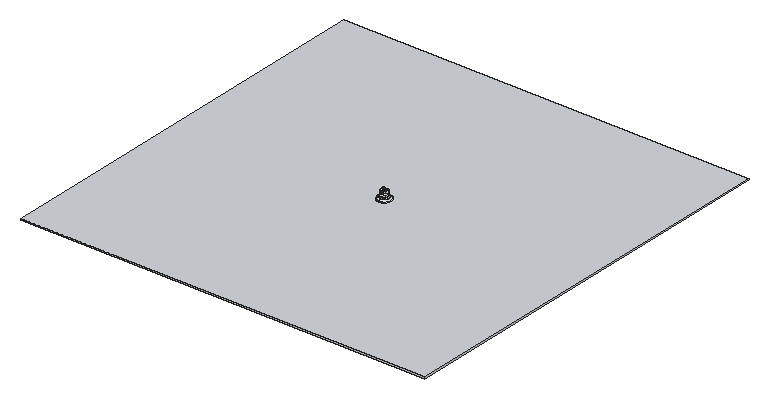
Revit family "Fire-Products_Sprinkler-Systems_YAMATO-PROTEC_SHS172002", category スプリンクラ, Revit 2018
Family settings
  ホスト = 面
  注釈の向きを維持 = いいえ
  丸型コネクタ寸法 = 直径を使用
  パーツ タイプ = 標準
  ロード時にボイドで切り取り = いいえ
  共有 = いいえ
  部屋計算ポイント = はい
Parameters
  質量 = 0.25 kg
  説明 = "放水型スプリンクラーヘッド　SHS172002"
  記号 [instance] = ""
  製造元 = "ヤマトプロテック株式会社"
  製品出荷対象 = ""
  製品リリース年月 = ""
  製品グループ = ""
  系統 [instance] = ""
  符号 = ""
  積算_科目 = "9 消火設備"
  積算_拾い区分 [instance] = ""
  特殊仕様 [instance] = ""
  法定耐用年数 = ""
  有効放水範囲距離 [instance] = if(取付高さ < 5000 mm, 3150 mm, 4150 mm)  # 3150 mm
  有効放水範囲 [instance] = yes
  Default Elevation = 1219.2 mm
  形式 = "放水型"
  呼称 = "スプリンクラーヘッド"
  吐出量 [instance] = 0.0 L/min
  取付高さ [instance] = 3000 mm
  参照している仕様書等のバージョン = ""
  分類コード = "50903001200000"
  分類グループ = ""
  入口径 [instance] = 45 mm
  企業コード = "580077214"
  付属品 [instance] = ""
  仕様書バージョン = "Version1.0"
  モデル = "SHS172002"
  シーリングプレート表示 [instance] = yes
  Width = 57 mm
  Version = ""
  Uniclass2015Version = "Systems v1.9"
  Uniclass2015Title = "Sprinkler heads"
  Uniclass2015Code = "Pr_70_55_97_84"
  SpecificationReference = ""
  SpecificationDescription = ""
  Revision = ""
  ProductInformation = "https://www.yamatoprotec.co.jp/products/syokasetsubi/SHS172002/45188/"
  Product data url = ""
  OmniClassCode = "23-29 33 11 11 15"
  IfcTypeProduct = ""
  IfcProduct = ""
  IfcExportType = "SPRINKLERDEFLECTOR"
  IfcExportAs = "IfcFireSuppressionTerminalType"
  Height = 57 mm
  Depth = 71 mm
  Author = "BIMobject Japan"
Reference planes
  plane 1 "中心(正面/背面)": y = 0
  plane 2: z = 0
  plane 3 "中心(左/右)": x = 0
Forms (mm)
  Extrusion 1, solid
    sketch origin (0, 0, 0) x (1, 0, 0) y (0, 1, 0)
      loop
        line (-1219.2, 1219.2) -> (-1219.2, -1219.2) -> (1219.2, -1219.2) -> (1219.2, 1219.2) -> (-1219.2, 1219.2)
    from 0 to -8.3
  Extrusion 2, solid, material "YAMATOPROTEC - クロムメッキ"
    sketch origin (0, 0, 0) x (0, 1, 0) y (0, 0, 1)
      loop
        line (12.5, 48) -> (12.5, 50) -> (-5.036, 50) -> (-19.644, 41.566) -> (-18.644, 39.834) -> (-4.5, 48) -> (12.5, 48)
    from -17.039 to 17.039
  Extrusion 3, void
    sketch origin (0, 0, 0) x (1, 0, 0) y (0, 1, 0)
      loop
        line (0.805, -19.628) -> (0.805, -8.03)
        arc (0.805, -8.03) -> (0, -7.225) -> (-0.805, -8.03) r 0.805
        line (-0.805, -8.03) -> (-0.805, -19.628)
        arc (-0.805, -19.628) -> (-5.911, -18.734) -> (-10.605, -16.536) r 19.644
        line (-10.605, -16.536) -> (-2.873, -5.493)
        arc (-2.873, -5.493) -> (-3.069, -4.383) -> (-4.179, -4.578) r 0.797
        line (-4.179, -4.578) -> (-11.911, -15.621)
        arc (-11.911, -15.621) -> (-14.898, -12.805) -> (-17.234, -9.429) r 19.644
        line (-17.234, -9.429) -> (-9.243, -5.871)
        arc (-9.243, -5.871) -> (-8.101, -3.628) -> (-10.057, -2.044) r 2
        line (-10.057, -2.044) -> (-17.039, -2.044) -> (-17.039, 0.489) -> (-7, 1.5) -> (-7, 6.5) -> (-23, 9.687) -> (-23, -24.5) -> (23, -24.5) -> (23, 9.687) -> (7, 6.5) -> (7, 1.5) -> (17.039, 0.489) -> (17.039, -2.044) -> (10.057, -2.044)
        arc (10.057, -2.044) -> (8.101, -3.628) -> (9.243, -5.871) r 2
        line (9.243, -5.871) -> (17.234, -9.429)
        arc (17.234, -9.429) -> (14.635, -13.104) -> (11.268, -16.092) r 19.644
        line (11.268, -16.092) -> (3.526, -5.036)
        arc (3.526, -5.036) -> (2.971, -4.938) -> (2.873, -5.493) r 0.399
        line (2.873, -5.493) -> (10.605, -16.536)
        arc (10.605, -16.536) -> (5.911, -18.734) -> (0.805, -19.628) r 19.644
      loop
        circle (0, 6.5) r 1.454
      loop
        line (-13, 8.5) -> (-8.086, 8.5) -> (-8.086, 10.158) -> (-13, 10.158) -> (-13, 8.5)
      loop
        line (13, 8.5) -> (13, 10.158) -> (8.086, 10.158) -> (8.086, 8.5) -> (13, 8.5)
    from 37.087 to 55.942
  Revolve 4, solid, material "YAMATOPROTEC - クロムメッキ"
    sketch origin (0, 0, 0) x (0, 1, 0) y (0, 0, 1)
      loop
        line (24, 13.966) -> (0, 13.966) -> (0, -21) -> (23.504, -21) -> (24.161, 0) -> (28.5, 0) -> (28.5, 8.3) -> (25.5, 8.3)
        spline (25.5, 8.3) -> (24.509, 8.542) -> (24.028, 9.133) -> (23.921, 9.868) -> (24.052, 10.546) -> (24.298, 11.016) -> (24.598, 11.338) -> (24.906, 11.624) -> (25.176, 11.984) -> (25.358, 12.52) -> (25.339, 13.175) -> (24.946, 13.731) -> (24, 13.966)
      axis (0, -21) -> (0, 13.966)
    angle from 0 to 360
  Extrusion 5, solid, material "YAMATOPROTEC - クロムメッキ"
    sketch origin (0, 0, 0) x (0, 1, 0) y (0, 0, 1)
      loop
        line (12.5, 23.9) -> (-10.5, 23.9) -> (-10.5, 13.966) -> (12.5, 13.966) -> (12.5, 23.9)
    from -17.039 to 17.039
  Extrusion 6, solid, material "YAMATOPROTEC - クロムメッキ"
    sketch origin (0, 0, 0) x (1, 0, 0) y (0, 0, 1)
      loop
        line (17.039, 50) -> (-17.039, 50) -> (-17.039, 13.966) -> (17.039, 13.966) -> (17.039, 50)
    from -13.3 to -12.5
  Revolve 7, solid, material "YAMATOPROTEC - シーリングプレート", visible <- "シーリングプレート表示"
    sketch origin (0, 0, 0) x (0, 1, 0) y (0, 0, 1)
      loop
        line (40, 0) -> (40, 1.98) -> (34.82, 1.98)
        spline (34.82, 1.98) -> (33.711, 2.104) -> (32.87, 2.448) -> (32.25, 2.967) -> (31.801, 3.618) -> (31.474, 4.357) -> (31.22, 5.14) -> (30.991, 5.923) -> (30.738, 6.661) -> (30.411, 7.312) -> (29.961, 7.832) -> (29.341, 8.176) -> (28.5, 8.3)
        line (28.5, 8.3) -> (28.5, 0) -> (40, 0)
      axis (0, 8.3) -> (0, 0)
    angle from 0 to 360
Cuts and joins
  Extrusion 3 cuts Extrusion 2
Lines and regions (mm)
  Masking region 1
    outline origin (0, 0, 0) x (1, 0, 0) y (0, 0, 1)
      loop
        line (-24, 13.966) -> (-25.5, 8.3) -> (25.5, 8.3) -> (24, 13.966) -> (19, 13.966) -> (19, 50) -> (-19, 50) -> (-19, 13.966) -> (-24, 13.966)
  symbolic lines, visible <- "有効放水範囲"
    curve 1: line (4000, 0, 3000) -> (-4000, 0, 3000)
    curve 2: line (4000, 0, -150) -> (4000, 0, 3000)
    curve 3: line (-4000, 0, -150) -> (4000, 0, -150)
    curve 4: line (-4000, 0, 3000) -> (-4000, 0, -150)
Dimensions and locks
  curve 4 to curve 2 = 8000 mm
  "有効放水範囲距離": curve 3 to curve 1
  equal spacing: curve 4, plane 3 "中心(左/右)", curve 2
  locked: curve 3 to level at 150
  aligned and locked: plane 2 to Extrusion 1
  aligned and locked: level to Extrusion 1
Automatic sketch dimensions
  Extrusion 1 sketch curve to Extrusion 1 sketch curve = 2438.4 mm  (x2)
  plane 1 "中心(正面/背面)" to Extrusion 2 sketch curve = 19.644 mm
  Extrusion 2 sketch curve to Extrusion 2 sketch curve = 1 mm
  plane 1 "中心(正面/背面)" to Extrusion 2 sketch curve = 5.036 mm
  Extrusion 2 sketch curve to Extrusion 2 sketch curve = 0.536 mm
  Extrusion 2 sketch curve to plane 1 "中心(正面/背面)" = 12.5 mm
  level to Extrusion 2 sketch curve = 39.834 mm
  Extrusion 2 sketch curve to Extrusion 2 sketch curve = 1.732 mm
  plane 1 "中心(正面/背面)" to Extrusion 5 sketch curve = 10.5 mm
  Extrusion 5 sketch curve to plane 1 "中心(正面/背面)" = 12.5 mm
  level to Extrusion 5 sketch curve = 13.966 mm
  Extrusion 5 sketch curve to Extrusion 5 sketch curve = 9.934 mm
  Revolve 4 sketch curve to plane 1 "中心(正面/背面)" = 0 mm  (x2)
  Revolve 4 sketch curve to level = 0 mm
  Revolve 4 sketch curve to Revolve 4 sketch curve = 23.504 mm
  Revolve 4 sketch curve to Revolve 4 sketch curve = 24 mm
  Revolve 4 sketch curve to Revolve 4 sketch curve = 0.161 mm
  Revolve 4 sketch curve to Revolve 4 sketch curve = 4.339 mm
  Revolve 4 sketch curve to level = 21 mm
  level to Revolve 4 sketch curve = 13.966 mm
  Revolve 4 sketch curve to Revolve 4 sketch curve = 3 mm
  level to Revolve 4 sketch curve = 8.3 mm
  level to Revolve 4 sketch curve = 3.3 mm
  Revolve 4 sketch curve to Revolve 4 sketch curve = 3.791 mm
  Extrusion 6 sketch curve to plane 3 "中心(左/右)" = 17.039 mm
  plane 3 "中心(左/右)" to Extrusion 6 sketch curve = 17.039 mm
  level to Extrusion 6 sketch curve = 13.966 mm
  Extrusion 6 sketch curve to Extrusion 6 sketch curve = 36.034 mm
  Masking region 1 sketch curve to plane 3 "中心(左/右)" = 25.5 mm
  Masking region 1 sketch curve to Masking region 1 sketch curve = 1.5 mm  (x2)
  Masking region 1 sketch curve to Masking region 1 sketch curve = 5 mm  (x2)
  plane 3 "中心(左/右)" to Masking region 1 sketch curve = 19 mm
  Masking region 1 sketch curve to Masking region 1 sketch curve = 5.666 mm  (x2)
  Masking region 1 sketch curve to Masking region 1 sketch curve = 36.034 mm
  level to Masking region 1 sketch curve = 8.3 mm
  Extrusion 3 sketch curve to Extrusion 3 sketch curve = 0 mm  (x12)
  plane 1 "中心(正面/背面)" to Extrusion 3 sketch curve = 0 mm
  Extrusion 3 sketch curve to plane 3 "中心(左/右)" = 0 mm  (x3)
  Extrusion 3 sketch curve to Extrusion 3 sketch curve = 0.805 mm
  Extrusion 3 sketch curve to plane 3 "中心(左/右)" = 2.873 mm
  Extrusion 3 sketch curve to Extrusion 3 sketch curve = 0.653 mm  (x2)
  Extrusion 3 sketch curve to plane 1 "中心(正面/背面)" = 1.5 mm  (x2)
  Extrusion 3 sketch curve to Extrusion 3 sketch curve = 2.821 mm
  Extrusion 3 sketch curve to Extrusion 3 sketch curve = 1.086 mm  (x2)
  Extrusion 3 sketch curve to Extrusion 3 sketch curve = 5.065 mm
  Extrusion 3 sketch curve to Extrusion 3 sketch curve = 0.814 mm  (x2)
  Extrusion 3 sketch curve to Extrusion 3 sketch curve = 9.8 mm  (x2)
  Extrusion 3 sketch curve to Extrusion 3 sketch curve = 1.306 mm
  Extrusion 3 sketch curve to Extrusion 3 sketch curve = 4.914 mm  (x2)
  Extrusion 3 sketch curve to plane 1 "中心(正面/背面)" = 0.489 mm  (x2)
  Extrusion 3 sketch curve to Extrusion 3 sketch curve = 6.982 mm  (x2)
  Extrusion 3 sketch curve to Extrusion 3 sketch curve = 0.194 mm  (x2)
  Extrusion 3 sketch curve to plane 1 "中心(正面/背面)" = 9.687 mm  (x2)
  Extrusion 3 sketch curve to Extrusion 3 sketch curve = 10 mm  (x2)
  plane 3 "中心(左/右)" to Extrusion 3 sketch curve = 2.873 mm
  Extrusion 3 sketch curve to Extrusion 3 sketch curve = 0.326 mm  (x2)
  plane 3 "中心(左/右)" to Extrusion 3 sketch curve = 7 mm
  Extrusion 3 sketch curve to Extrusion 3 sketch curve = 5.717 mm
  Extrusion 3 sketch curve to Extrusion 3 sketch curve = 0.662 mm
  plane 1 "中心(正面/背面)" to Extrusion 3 sketch curve = 2.044 mm  (x2)
  Extrusion 3 sketch curve to Extrusion 3 sketch curve = 2 mm  (x4)
  plane 1 "中心(正面/背面)" to Extrusion 3 sketch curve = 4.578 mm
  Extrusion 3 sketch curve to Extrusion 3 sketch curve = 0.457 mm
  plane 1 "中心(正面/背面)" to Extrusion 3 sketch curve = 5.036 mm
  Extrusion 3 sketch curve to Extrusion 3 sketch curve = 0.229 mm
  Extrusion 3 sketch curve to Extrusion 3 sketch curve = 2.537 mm
  Extrusion 3 sketch curve to Extrusion 3 sketch curve = 7.385 mm  (x2)
  Extrusion 3 sketch curve to Extrusion 3 sketch curve = 0.914 mm
  Extrusion 3 sketch curve to Extrusion 3 sketch curve = 0.444 mm
  Extrusion 3 sketch curve to Extrusion 3 sketch curve = 8.879 mm
  Extrusion 3 sketch curve to Extrusion 3 sketch curve = 5 mm  (x2)
  Extrusion 3 sketch curve to Extrusion 3 sketch curve = 6.5 mm
  Extrusion 3 sketch curve to Extrusion 3 sketch curve = 1.658 mm  (x2)
  Revolve 7 sketch curve to plane 1 "中心(正面/背面)" = 0 mm
  Revolve 7 sketch curve to level = 0 mm
  Revolve 7 sketch curve to plane 1 "中心(正面/背面)" = 28.5 mm
  level to Revolve 7 sketch curve = 1.98 mm
  Revolve 7 sketch curve to Revolve 7 sketch curve = 6.32 mm
  Revolve 7 sketch curve to Revolve 7 sketch curve = 5.18 mm
  Revolve 7 sketch curve to Revolve 7 sketch curve = 8.3 mm
  Revolve 7 sketch curve to level = 27.686 mm
  level to Revolve 7 sketch curve = 27.314 mm
  radius of Extrusion 3 sketch curve = 1.454 mm
Connectors
  piping at (0, 0, -21), diameter 45, driven by "入口径", driven by "吐出量"
    settings: on Revolve 4, index 1, connector inside diameter 609.6 mm, connector length 0 mm, flow factor 0, pipe flow 0.0 L/min, pressure drop 0.0 Pa, fitting loss kfactor 0, connector angle 0.00°, fixture units 0, engagement length 0 mm, angle of deflection 0.00°, flow configuration 0, flow direction 1, fitting loss method 0, system type 26, joint type 0, gender type 0, connector reference index -1, connector utility 0, adjustable connector no, is connector primary yes, connector description "in"
